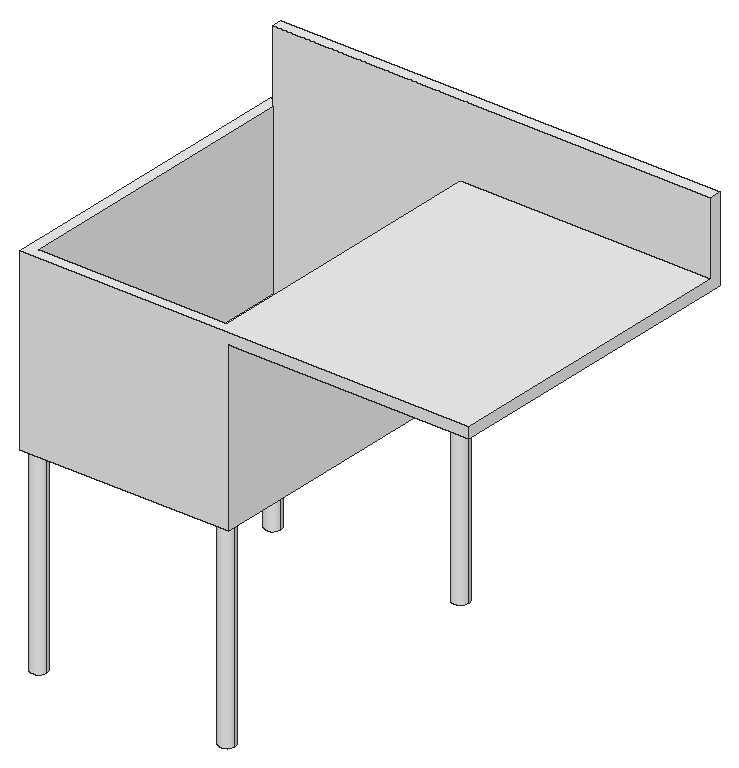
Revit family "224200 - Commercial Plumbing Fixtures - 1 Compartment Sink", category Plumbing Fixtures, Revit 2020
Family settings
  Round Connector Dimension = Use Diameter
  Part Type = Normal
  Work Plane-Based = No
  Always vertical = Yes
  Cut with Voids When Loaded = No
  Shared = No
  Room Calculation Point = No
Parameters (values of type "one")
  Width = 30"
  Tray Length_Right = 24"
  Tray Length_Left = 0"
  Sink Width = 18"
  Material = 3 COMPARTMENT SINK
  Length = Tray Length_Left + Tray Length_Right + Sink Width  # 42"
  Inset - front/back = 1"
  Height = 36"
  Default Elevation = 0"
  Backsplash Height = 7"
Reference planes (in)
  plane 1 "Center (Front/Back)": y = 0
  plane 2: z = 0
  plane 3 "Center (Left/Right)": x = 0
  plane 4: y = 30
  plane 5: x = -42
  plane 6: y = 29
  plane 7: y = 1
  plane 8: x = -43
  plane 9: x = -42
  plane 10: x = -33
  plane 11: y = 15
  plane 12: z = 36
  plane 13: z = 20
  plane 14: z = 19
  plane 15: x = -24
  plane 16: x = -23
  plane 17: z = 43
Forms (in)
  Extrusion 1, solid, material "3 COMPARTMENT SINK" <- "Material"
    sketch origin (0.75, -11, 0) x (1, 0, 0) y (0, 1, 0)
      loop
        line (-23.75, 41) -> (-43.75, 41) -> (-43.75, 11) -> (-23.75, 11) -> (-23.75, 41)
    from 19 to 36
  Extrusion 2, void
    sketch origin (0.75, -11, 0) x (1, 0, 0) y (0, 1, 0)
      loop
        line (-42.75, 40) -> (-42.75, 12) -> (-24.75, 12) -> (-24.75, 40) -> (-42.75, 40)
    from 20 to 36
  Extrusion 3, solid, material "3 COMPARTMENT SINK" <- "Material"
    sketch origin (-105.57325, -180, 36) x (-1, 0, 0) y (0, -1, 0)
      loop
        line (-63.57325, -180) -> (-63.57325, -209) -> (-62.57325, -209) -> (-62.57325, -180) -> (-63.57325, -180)
    from 0 to -1
  Extrusion 4, solid, material "3 COMPARTMENT SINK" <- "Material"
    sketch origin (56, -11, 0) x (1, 0, 0) y (0, 1, 0)
      loop
        circle (-80, 40) r 0.75
      loop
        circle (-80, 12) r 0.75
      loop
        circle (-98, 12) r 0.75
      loop
        circle (-98, 40) r 0.75
    from 19 to 0
  Extrusion 5, solid, material "3 COMPARTMENT SINK" <- "Material"
    sketch origin (-105.57325, -180, 36) x (-1, 0, 0) y (0, -1, 0)
      loop
        line (-63.57325, -210) -> (-63.57325, -209) -> (-105.57325, -209) -> (-105.57325, -210) -> (-63.57325, -210)
    from -1 to 7
  Extrusion 6, void
    sketch origin (-7.22323, -11.29189, 0) x (1, 0, 0) y (0, 1, 0)
      loop
        circle (-25.77677, 26.29189) r 1.5
    from 0 to 20
  Extrusion 7, solid, material "3 COMPARTMENT SINK" <- "Material"
    sketch origin (-105.57325, -180, 36) x (-1, 0, 0) y (0, -1, 0)
      loop
        line (-82.57325, -210) -> (-82.57325, -180) -> (-105.57325, -180) -> (-105.57325, -210) -> (-82.57325, -210)
    from 0 to -1
Cuts and joins
  Extrusion 2, Extrusion 6 cuts Extrusion 1
  joined: Extrusion 1, Extrusion 3, Extrusion 5, Extrusion 7
Dimensions and locks (in)
  "Width": plane 1 "Center (Front/Back)" to plane 4
  locked: Extrusion 5 sketch curve to Extrusion 5 sketch curve at 1
  "Tray Length_Left": plane 5 to plane 9
  "Tray Length_Right": plane 15 to plane 3 "Center (Left/Right)"
  "Inset - front/back": plane 7 to plane 1 "Center (Front/Back)"
  "Inset - front/back": plane 4 to plane 6
  "Inset - front/back": plane 8 to plane 9
  equal spacing: plane 1 "Center (Front/Back)", plane 11, plane 4
  "Height": plane 12 to plane 2
  plane 12 to plane 13 = 16"
  "Inset - front/back": plane 13 to plane 14
  equal spacing: plane 8, plane 10, plane 16
  "Inset - front/back": plane 15 to plane 16
  "Sink Width": plane 9 to plane 15
  "Backsplash Height": plane 17 to plane 12
  aligned and locked: Extrusion 3 to plane 5
  aligned and locked: Extrusion 5 to plane 5
  aligned and locked: Extrusion 5 to plane 4
  aligned and locked: plane 8 to Extrusion 3
  aligned and locked: Extrusion 1 to Extrusion 3
  aligned and locked: cut or joined group of Extrusion 1, Extrusion 2, Extrusion 3, Extrusion 5, Extrusion 6, Extrusion 7 to plane 4
  aligned and locked: cut or joined group of Extrusion 1, Extrusion 2, Extrusion 3, Extrusion 5, Extrusion 6, Extrusion 7 to plane 9
  aligned and locked: plane 6 to cut or joined group of Extrusion 1, Extrusion 2, Extrusion 3, Extrusion 5, Extrusion 6, Extrusion 7
  aligned and locked: plane 10 to Extrusion 6 sketch curve
  aligned and locked: plane 11 to Extrusion 6 sketch curve
  aligned and locked: plane 6 to Extrusion 4 sketch curve
  aligned and locked: plane 12 to cut or joined group of Extrusion 1, Extrusion 2, Extrusion 3, Extrusion 5, Extrusion 6, Extrusion 7  (x2)
  aligned and locked: Extrusion 2 to plane 13
  aligned and locked: plane 13 to cut or joined group of Extrusion 1, Extrusion 2, Extrusion 3, Extrusion 5, Extrusion 6, Extrusion 7
  aligned and locked: cut or joined group of Extrusion 1, Extrusion 2, Extrusion 3, Extrusion 5, Extrusion 6, Extrusion 7 to plane 14
  aligned and locked: plane 14 to Extrusion 4
  aligned and locked: Extrusion 4 to level
  aligned and locked: plane 15 to Extrusion 2 sketch curve
  aligned and locked: plane 16 to Extrusion 1 sketch curve
  aligned and locked: plane 15 to Extrusion 4 sketch curve  (x2)
  aligned and locked: plane 17 to Extrusion 5
  aligned and locked: Extrusion 3 sketch curve to plane 6
Automatic sketch dimensions
  Extrusion 4 sketch curve to plane 7 = 0"  (x2)
  Extrusion 4 sketch curve to plane 9 = 0"  (x2)
  Extrusion 4 sketch curve to plane 6 = 0"
  Extrusion 5 sketch curve to plane 3 "Center (Left/Right)" = 0"
  Extrusion 5 sketch curve to plane 5 = 0"
  plane 4 to Extrusion 5 sketch curve = 0"
  Extrusion 2 sketch curve to plane 7 = 0"
  Extrusion 2 sketch curve to plane 9 = 0"
  Extrusion 2 sketch curve to plane 6 = 0"
  Extrusion 1 sketch curve to plane 8 = 0"
  plane 4 to Extrusion 1 sketch curve = 0"
  plane 1 "Center (Front/Back)" to Extrusion 1 sketch curve = 0"
  Extrusion 7 sketch curve to plane 3 "Center (Left/Right)" = 0"
  plane 4 to Extrusion 7 sketch curve = 0"
  plane 1 "Center (Front/Back)" to Extrusion 7 sketch curve = 0"
  Extrusion 7 sketch curve to plane 16 = 0"
  Extrusion 3 sketch curve to plane 1 "Center (Front/Back)" = 0"
  Extrusion 3 sketch curve to plane 8 = 0"
  Extrusion 3 sketch curve to plane 5 = 0"
  radius of Extrusion 6 sketch curve = 1 1/2"
  radius of Extrusion 4 sketch curve = 3/4"  (x4)
